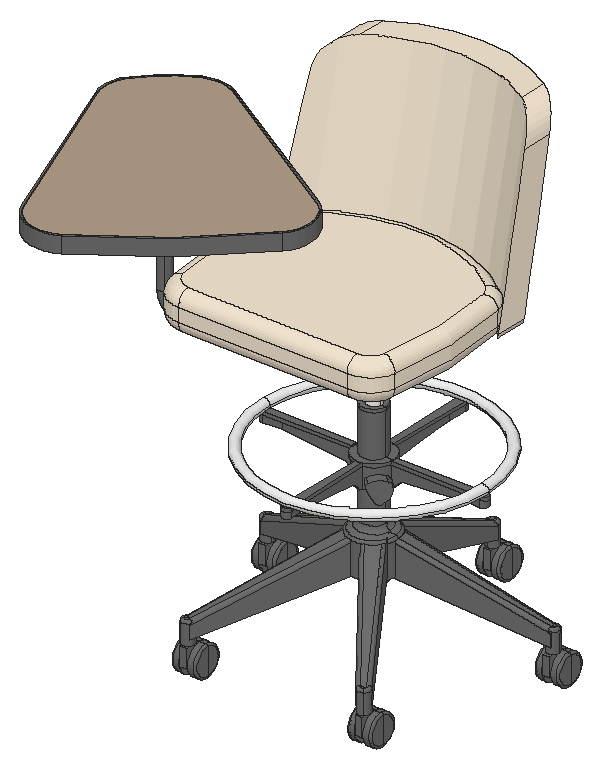
Revit family "Seating_Inc-Dock-Collaborative-Stool", category Furniture, Revit 2014
Parameters (values of type "Dock Stool Black GO22B")
  Width = 30"  # constant formula
  URL = "http://www.seatinginc.com"
  Type Comments = "Dock"  # constant formula
  Tablet Arm [instance] = yes
  Support = STI - Chrome
  Seat = STI - Fabric
  Model = "GO22B"
  Manufacturer = "seating inc."  # constant formula
  Lever Pad = STI - Plastic
  Leg = STI - Black
  Keynote = "12500"
  Height = 39 3/4"  # constant formula
  Foot Ring = STI - Chrome
  Edge Band = STI - Black
  Description = "Dock Stool Black 30\"W 30\"D 32\"H"
  Depth = 30"  # constant formula
  Caster = STI - Black
  Assembly Code = "E2020200"
  Arm Surafce = STI - Wood
Reference planes (in)
  plane 1 "Center (Front/Back)": y = -2.5
  plane 2: z = 0
  plane 3 "Center (Left/Right)": x = 11
  plane 4: y = 12.5
  plane 5: y = -17.5
  plane 6: x = -4
  plane 7: x = 26
  plane 8: z = 39.75
  plane 9: x = 1.11657
  plane 10: x = 20.61657
  plane 11: y = 9.63708
  plane 12: y = -14.86292
Forms (in)
  Sweep 1, solid, material "STI - Fabric" <- "Seat"
    path origin (11, -1.75, 0) x (0, 1, 0) y (0, 0, 1)
      loop
        line (4.57043, 23.37038) -> (8.28212, 39.44749)
    profile origin (11, 4.67628, 31.40894) x (0, -0.97437, 0.224951) y (1, 0, 0)
      loop
        line (2.3203, -9.23299) -> (4.67895, -9.23299)
        arc (4.67895, -9.23299) -> (0.24203, 0.03378) -> (4.90412, 9.18934) r 11.60032
        line (4.90412, 9.18934) -> (2.52133, 9.18934)
        arc (2.52133, 9.18934) -> (-1.81541, 0.0244) -> (2.3203, -9.23299) r 12.13314
  Sweep 2, void
    path origin (0, 0, 0) x (1, 0, 0) y (0, 1, 0)
      loop
        line (11, 12.5) -> (11, -2.5)
    profile origin (11, 5, 0) x (1, 0, 0) y (0, 0, 1)
      loop
        arc (-6.40386, 38.5) -> (-7.82546, 37.94056) -> (-8.48452, 36.56232) r 2.08594
        arc (-8.48452, 36.56232) -> (-8.82927, 30.88164) -> (-9.05446, 25.19496) r 270.52864
        arc (-9.05446, 25.19496) -> (-8.91332, 24.83205) -> (-8.55467, 24.68043) r 0.5
        line (-8.55467, 24.68043) -> (8.42967, 24.68043)
        arc (8.42967, 24.68043) -> (8.78832, 24.83205) -> (8.92946, 25.19496) r 0.5
        arc (8.92946, 25.19496) -> (8.70427, 30.88164) -> (8.35952, 36.56232) r 270.52864
        arc (8.35952, 36.56232) -> (7.70046, 37.94056) -> (6.27886, 38.5) r 2.08594
        line (6.27886, 38.5) -> (-6.40386, 38.5)
      loop
        line (-11.90641, 41.90993) -> (-11.90641, 22.90993) -> (11.09359, 22.90993) -> (11.09359, 41.90993) -> (-11.90641, 41.90993)
  Sweep 3, solid, material "STI - Fabric" <- "Seat"
    path origin (0, -0.26708, 0.37459) x (1, 0, 0) y (0, 1, 0.000049)
      loop
        line (4.31623, -13.21541) -> (17.61712, -13.21541)
        arc (17.61712, -13.21541) -> (19.08931, -12.686) -> (19.88718, -11.34025) r 2.31165
        arc (19.88718, -11.34025) -> (20.37967, -6.30913) -> (19.93947, -1.27315) r 27.39862
        arc (19.93947, -1.27315) -> (19.63874, -0.45936) -> (19.07799, 0.20266) r 2.5
        arc (19.07799, 0.20266) -> (10.88557, 3.13351) -> (2.73192, 0.09645) r 12.68519
        arc (2.73192, 0.09645) -> (2.21087, -0.53128) -> (1.9311, -1.29761) r 2.39183
        arc (1.9311, -1.29761) -> (1.49523, -6.28965) -> (1.97584, -11.27757) r 27.39862
        arc (1.97584, -11.27757) -> (2.79697, -12.66807) -> (4.31623, -13.21541) r 2.3822
    profile origin (10.96667, -13.48249, 0.37394) x (0, 1, 0.000049) y (0, -0.000049, 1)
      loop
        line (1.02244, 24.39162) -> (1.29625, 24.39162) -> (1.29625, 27.45427) -> (1.02244, 27.45427)
        arc (1.02244, 27.45427) -> (0.31533, 27.16138) -> (0.02244, 26.45427) r 1
        line (0.02244, 26.45427) -> (0.02244, 25.39162)
        arc (0.02244, 25.39162) -> (0.31533, 24.68452) -> (1.02244, 24.39162) r 1
  Revolve 4, solid, material "STI - Chrome" <- "Support"
    sketch origin (0, -2.51563, 0) x (1, 0, 0) y (0, 0, 1)
      loop
        line (10.9375, 24.10129) -> (10.26312, 24.10129) -> (10.26312, 22.81769) -> (10.38929, 22.81769) -> (10.38929, 17.50839) -> (10.9375, 17.50839) -> (10.9375, 24.10129)
      axis (10.9375, 24.10129) -> (10.9375, 17.50839)
    angle from 0 to 360
  Revolve 5, solid, material "STI - Black" <- "Edge Band"
    sketch origin (0, -2.51172, 0) x (1, 0, 0) y (0, 0, 1)
      loop
        line (9.95616, 17.71772) -> (9.95616, 17.50839) -> (10.9375, 17.50839) -> (10.9375, 17.71772) -> (9.95616, 17.71772)
      axis (10.9375, 17.50839) -> (10.9375, 17.71772)
    angle from 0 to 360
  Revolve 6, solid, material "STI - Black" <- "Leg"
    sketch origin (0, -2.59375, 0) x (1, 0, 0) y (0, 0, 1)
      loop
        line (10.9375, 24.10129) -> (10.9375, 24.68043) -> (7.86183, 24.68043) -> (8.44096, 24.10129) -> (10.9375, 24.10129)
      axis (10.9375, 24.10129) -> (10.9375, 24.68043)
    angle from 0 to 360
  Sweep 7, solid, material "STI - Black" <- "Leg"
    path origin (0, -2.5, -0.09375) x (1, 0, 0) y (0, 0, 1)
      loop
        line (11, 24.68043) -> (11, 24.8444)
    profile origin (11, -2.5, 24.66867) x (-1, 0, 0) y (0, -1, 0)
      loop
        arc (3.04529, -3.27626) -> (3.31855, -3.16358) -> (3.4321, -2.89069) r 0.38619
        line (3.4321, -2.89069) -> (3.44148, 2.97311)
        arc (3.44148, 2.97311) -> (3.2956, 3.3269) -> (2.94228, 3.47391) r 0.5
        line (2.94228, 3.47391) -> (-2.80771, 3.48312)
        arc (-2.80771, 3.48312) -> (-3.1615, 3.33724) -> (-3.30851, 2.98392) r 0.5
        line (-3.30851, 2.98392) -> (-3.31794, -2.9047)
        arc (-3.31794, -2.9047) -> (-3.2125, -3.1604) -> (-2.95714, -3.26665) r 0.36137
        line (-2.95714, -3.26665) -> (3.04529, -3.27626)
  Revolve 8, solid, material "STI - Black" <- "Caster"
    sketch origin (21.875, 9.83441, 0) x (-1, 0, 0) y (0, 0, 1)
      loop
        line (10.59575, 2.39763) -> (10.14919, 2.39763)
        arc (10.14919, 2.39763) -> (10.03674, 2.35105) -> (9.99016, 2.2386) r 0.15904
        line (9.99016, 2.2386) -> (9.99016, 1.20363) -> (10.59575, 1.20363) -> (10.59575, 2.39763)
      loop
        line (11.27925, 2.39763) -> (11.27925, 1.20363) -> (11.88484, 1.20363) -> (11.88484, 2.23664)
        arc (11.88484, 2.23664) -> (11.83769, 2.35048) -> (11.72385, 2.39763) r 0.161
        line (11.72385, 2.39763) -> (11.27925, 2.39763)
      axis (9.99016, 1.20363) -> (11.88484, 1.20363)
    angle from 0 to 360
  Extrusion 9, solid, material "STI - Black" <- "Caster"
    sketch origin (10.875, 18.14691, 0) x (0, -1, 0) y (0, 0, 1)
      loop
        line (9.50873, 0.9637) -> (9.50873, 2.39418) -> (8.2325, 2.39418)
        arc (8.2325, 2.39418) -> (7.34963, 1.93091) -> (7.10756, 0.9637) r 1.21941
        line (7.10756, 0.9637) -> (9.50873, 0.9637)
    from -0.32764 to 0.20362
  Revolve 10, solid, material "STI - Black" <- "Caster"
    sketch origin (0, 9.14062, 0) x (1, 0, 0) y (0, 0, 1)
      loop
        line (10.93799, 2.39418) -> (10.93799, 2.54) -> (10.72379, 2.54) -> (10.72379, 2.39418) -> (10.93799, 2.39418)
      axis (10.93799, 2.39418) -> (10.93799, 2.54)
    angle from 0 to 360
  Revolve 11, solid, material "STI - Black" <- "Caster"
    sketch origin (10.70009, 1.69973, 0) x (-1, 0, 0) y (0, 0, 1)
      loop
        line (10.59575, 2.39763) -> (10.14919, 2.39763)
        arc (10.14919, 2.39763) -> (10.03674, 2.35105) -> (9.99016, 2.2386) r 0.15904
        line (9.99016, 2.2386) -> (9.99016, 1.20363) -> (10.59575, 1.20363) -> (10.59575, 2.39763)
      loop
        line (11.27925, 2.39763) -> (11.27925, 1.20363) -> (11.88484, 1.20363) -> (11.88484, 2.23664)
        arc (11.88484, 2.23664) -> (11.83769, 2.35048) -> (11.72385, 2.39763) r 0.161
        line (11.72385, 2.39763) -> (11.27925, 2.39763)
      axis (9.99016, 1.20363) -> (11.88484, 1.20363)
    angle from 0 to 360
  Extrusion 12, solid, material "STI - Black" <- "Caster"
    sketch origin (-0.29991, 10.01223, 0) x (0, -1, 0) y (0, 0, 1)
      loop
        line (9.50873, 0.9637) -> (9.50873, 2.39418) -> (8.2325, 2.39418)
        arc (8.2325, 2.39418) -> (7.34963, 1.93091) -> (7.10756, 0.9637) r 1.21941
        line (7.10756, 0.9637) -> (9.50873, 0.9637)
    from -0.32764 to 0.20362
  Revolve 13, solid, material "STI - Black" <- "Caster"
    sketch origin (-11.17491, 1.02158, 0) x (1, 0, 0) y (0, 0, 1)
      loop
        line (10.93799, 2.39418) -> (10.93799, 2.54) -> (10.72379, 2.54) -> (10.72379, 2.39418) -> (10.93799, 2.39418)
      axis (10.93799, 2.39418) -> (10.93799, 2.54)
    angle from 0 to 360
  Revolve 14, solid, material "STI - Black" <- "Caster"
    sketch origin (14.96852, -11.43717, 0) x (-1, 0, 0) y (0, 0, 1)
      loop
        line (10.59575, 2.39763) -> (10.14919, 2.39763)
        arc (10.14919, 2.39763) -> (10.03674, 2.35105) -> (9.99016, 2.2386) r 0.15904
        line (9.99016, 2.2386) -> (9.99016, 1.20363) -> (10.59575, 1.20363) -> (10.59575, 2.39763)
      loop
        line (11.27925, 2.39763) -> (11.27925, 1.20363) -> (11.88484, 1.20363) -> (11.88484, 2.23664)
        arc (11.88484, 2.23664) -> (11.83769, 2.35048) -> (11.72385, 2.39763) r 0.161
        line (11.72385, 2.39763) -> (11.27925, 2.39763)
      axis (9.99016, 1.20363) -> (11.88484, 1.20363)
    angle from 0 to 360
  Extrusion 15, solid, material "STI - Black" <- "Caster"
    sketch origin (3.96852, -3.12467, 0) x (0, -1, 0) y (0, 0, 1)
      loop
        line (9.50873, 0.9637) -> (9.50873, 2.39418) -> (8.2325, 2.39418)
        arc (8.2325, 2.39418) -> (7.34963, 1.93091) -> (7.10756, 0.9637) r 1.21941
        line (7.10756, 0.9637) -> (9.50873, 0.9637)
    from -0.32764 to 0.20362
  Revolve 16, solid, material "STI - Black" <- "Caster"
    sketch origin (-6.90648, -12.11532, 0) x (1, 0, 0) y (0, 0, 1)
      loop
        line (10.93799, 2.39418) -> (10.93799, 2.54) -> (10.72379, 2.54) -> (10.72379, 2.39418) -> (10.93799, 2.39418)
      axis (10.93799, 2.39418) -> (10.93799, 2.54)
    angle from 0 to 360
  Revolve 17, solid, material "STI - Black" <- "Caster"
    sketch origin (28.78148, -11.43717, 0) x (-1, 0, 0) y (0, 0, 1)
      loop
        line (10.59575, 2.39763) -> (10.14919, 2.39763)
        arc (10.14919, 2.39763) -> (10.03674, 2.35105) -> (9.99016, 2.2386) r 0.15904
        line (9.99016, 2.2386) -> (9.99016, 1.20363) -> (10.59575, 1.20363) -> (10.59575, 2.39763)
      loop
        line (11.27925, 2.39763) -> (11.27925, 1.20363) -> (11.88484, 1.20363) -> (11.88484, 2.23664)
        arc (11.88484, 2.23664) -> (11.83769, 2.35048) -> (11.72385, 2.39763) r 0.161
        line (11.72385, 2.39763) -> (11.27925, 2.39763)
      axis (9.99016, 1.20363) -> (11.88484, 1.20363)
    angle from 0 to 360
  Extrusion 18, solid, material "STI - Black" <- "Caster"
    sketch origin (17.78148, -3.12467, 0) x (0, -1, 0) y (0, 0, 1)
      loop
        line (9.50873, 0.9637) -> (9.50873, 2.39418) -> (8.2325, 2.39418)
        arc (8.2325, 2.39418) -> (7.34963, 1.93091) -> (7.10756, 0.9637) r 1.21941
        line (7.10756, 0.9637) -> (9.50873, 0.9637)
    from -0.32764 to 0.20362
  Revolve 19, solid, material "STI - Black" <- "Caster"
    sketch origin (6.90648, -12.11532, 0) x (1, 0, 0) y (0, 0, 1)
      loop
        line (10.93799, 2.39418) -> (10.93799, 2.54) -> (10.72379, 2.54) -> (10.72379, 2.39418) -> (10.93799, 2.39418)
      axis (10.93799, 2.39418) -> (10.93799, 2.54)
    angle from 0 to 360
  Revolve 20, solid, material "STI - Black" <- "Caster"
    sketch origin (33.04991, 1.69973, 0) x (-1, 0, 0) y (0, 0, 1)
      loop
        line (10.59575, 2.39763) -> (10.14919, 2.39763)
        arc (10.14919, 2.39763) -> (10.03674, 2.35105) -> (9.99016, 2.2386) r 0.15904
        line (9.99016, 2.2386) -> (9.99016, 1.20363) -> (10.59575, 1.20363) -> (10.59575, 2.39763)
      loop
        line (11.27925, 2.39763) -> (11.27925, 1.20363) -> (11.88484, 1.20363) -> (11.88484, 2.23664)
        arc (11.88484, 2.23664) -> (11.83769, 2.35048) -> (11.72385, 2.39763) r 0.161
        line (11.72385, 2.39763) -> (11.27925, 2.39763)
      axis (9.99016, 1.20363) -> (11.88484, 1.20363)
    angle from 0 to 360
  Extrusion 21, solid, material "STI - Black" <- "Caster"
    sketch origin (22.04991, 10.01223, 0) x (0, -1, 0) y (0, 0, 1)
      loop
        line (9.50873, 0.9637) -> (9.50873, 2.39418) -> (8.2325, 2.39418)
        arc (8.2325, 2.39418) -> (7.34963, 1.93091) -> (7.10756, 0.9637) r 1.21941
        line (7.10756, 0.9637) -> (9.50873, 0.9637)
    from -0.32764 to 0.20362
  Revolve 22, solid, material "STI - Black" <- "Caster"
    sketch origin (11.17491, 1.02158, 0) x (1, 0, 0) y (0, 0, 1)
      loop
        line (10.93799, 2.39418) -> (10.93799, 2.54) -> (10.72379, 2.54) -> (10.72379, 2.39418) -> (10.93799, 2.39418)
      axis (10.93799, 2.39418) -> (10.93799, 2.54)
    angle from 0 to 360
  Blend 23, solid, material "STI - Black" <- "Leg"
    base sketch origin (0, -2.5, 0.0625) x (1, 0, 0) y (0, 0, 1)
      loop
        arc (10.42654, 8.94654) -> (10.22214, 8.86188) -> (10.13748, 8.65748) r 0.28906
        line (10.13748, 8.65748) -> (10.13748, 6.15631) -> (11.79597, 6.15631) -> (11.79597, 8.65845)
        arc (11.79597, 8.65845) -> (11.71159, 8.86216) -> (11.50788, 8.94654) r 0.28809
        line (11.50788, 8.94654) -> (10.42654, 8.94654)
    top sketch origin (0, -2.5, 0.0625) x (1, 0, 0) y (0, 0, 1)
      loop
        line (11.41125, 2.95143) -> (11.41125, 3.90903)
        arc (11.41125, 3.90903) -> (11.32659, 4.11343) -> (11.12219, 4.19809) r 0.28906
        line (11.12219, 4.19809) -> (10.75405, 4.19809)
        arc (10.75405, 4.19809) -> (10.54965, 4.11343) -> (10.46498, 3.90903) r 0.28906
        line (10.46498, 3.90903) -> (10.46498, 2.95143) -> (11.41125, 2.95143)
    from -1.14777 to -11.60464
  Revolve 24, solid, material "STI - Black" <- "Leg"
    sketch origin (10.9375, 0, 0) x (0, 1, 0) y (0, 0, 1)
      loop
        line (9.1696, 2.54) -> (9.63708, 2.54) -> (9.63708, 4.10623)
        arc (9.63708, 4.10623) -> (9.58326, 4.23618) -> (9.45331, 4.29) r 0.18377
        line (9.45331, 4.29) -> (9.1696, 4.29) -> (9.1696, 2.54)
      axis (9.1696, 2.54) -> (9.1696, 4.29)
    angle from 0 to 360
  Blend 25, solid, material "STI - Black" <- "Leg"
    base sketch origin (7.73811, 7.95514, 0.0625) x (0.303775, -0.952744, 0) y (0, 0, 1)
      loop
        arc (10.42654, 8.94654) -> (10.22214, 8.86188) -> (10.13748, 8.65748) r 0.28906
        line (10.13748, 8.65748) -> (10.13748, 6.15631) -> (11.79597, 6.15631) -> (11.79597, 8.65845)
        arc (11.79597, 8.65845) -> (11.71159, 8.86216) -> (11.50788, 8.94654) r 0.28809
        line (11.50788, 8.94654) -> (10.42654, 8.94654)
    top sketch origin (15.47667, 10.42252, 0.0625) x (0.303775, -0.952744, 0) y (0, 0, 1)
      loop
        line (11.41125, 2.95143) -> (11.41125, 3.90903)
        arc (11.41125, 3.90903) -> (11.32659, 4.11343) -> (11.12219, 4.19809) r 0.28906
        line (11.12219, 4.19809) -> (10.75405, 4.19809)
        arc (10.75405, 4.19809) -> (10.54965, 4.11343) -> (10.46498, 3.90903) r 0.28906
        line (10.46498, 3.90903) -> (10.46498, 2.95143) -> (11.41125, 2.95143)
    from -1.03876 to -3.58201
  Revolve 26, solid, material "STI - Black" <- "Leg"
    sketch origin (13.44251, -1.70606, 0) x (0.952744, 0.303775, 0) y (0, 0, 1)
      loop
        line (9.1696, 2.54) -> (9.63708, 2.54) -> (9.63708, 4.10623)
        arc (9.63708, 4.10623) -> (9.58326, 4.23618) -> (9.45331, 4.29) r 0.18377
        line (9.45331, 4.29) -> (9.1696, 4.29) -> (9.1696, 2.54)
      axis (9.1696, 2.54) -> (9.1696, 4.29)
    angle from 0 to 360
  Blend 27, solid, material "STI - Black" <- "Leg"
    base sketch origin (14.16814, 7.90827, 0.0625) x (-0.303775, -0.952744, 0) y (0, 0, -1)
      loop
        line (10.42654, -8.94654) -> (11.50788, -8.94654)
        arc (11.50788, -8.94654) -> (11.71159, -8.86216) -> (11.79597, -8.65845) r 0.28809
        line (11.79597, -8.65845) -> (11.79597, -6.15631) -> (10.13748, -6.15631) -> (10.13748, -8.65748)
        arc (10.13748, -8.65748) -> (10.22214, -8.86188) -> (10.42654, -8.94654) r 0.28906
    top sketch origin (6.42958, 10.37564, 0.0625) x (-0.303775, -0.952744, 0) y (0, 0, -1)
      loop
        line (11.41125, -2.95143) -> (10.46498, -2.95143) -> (10.46498, -3.90903)
        arc (10.46498, -3.90903) -> (10.54965, -4.11343) -> (10.75405, -4.19809) r 0.28906
        line (10.75405, -4.19809) -> (11.12219, -4.19809)
        arc (11.12219, -4.19809) -> (11.32659, -4.11343) -> (11.41125, -3.90903) r 0.28906
        line (11.41125, -3.90903) -> (11.41125, -2.95143)
    from -1.09431 to -3.58201
  Revolve 28, solid, material "STI - Black" <- "Leg"
    sketch origin (8.46374, -1.75293, 0) x (-0.952744, 0.303775, 0) y (0, 0, -1)
      loop
        line (9.1696, -2.54) -> (9.1696, -4.29) -> (9.45331, -4.29)
        arc (9.45331, -4.29) -> (9.58326, -4.23618) -> (9.63708, -4.10623) r 0.18377
        line (9.63708, -4.10623) -> (9.63708, -2.54) -> (9.1696, -2.54)
      axis (9.1696, -2.54) -> (9.1696, -4.29)
    angle from 0 to 360
  Blend 29, solid, material "STI - Black" <- "Leg"
    base sketch origin (19.68992, -9.03437, 0.0625) x (-0.812948, 0.582336, 0) y (0, 0, 1)
      loop
        arc (10.42654, 8.94654) -> (10.22214, 8.86188) -> (10.13748, 8.65748) r 0.28906
        line (10.13748, 8.65748) -> (10.13748, 6.15631) -> (11.79597, 6.15631) -> (11.79597, 8.65845)
        arc (11.79597, 8.65845) -> (11.71159, 8.86216) -> (11.50788, 8.94654) r 0.28809
        line (11.50788, 8.94654) -> (10.42654, 8.94654)
    top sketch origin (14.95995, -15.63746, 0.0625) x (-0.812948, 0.582336, 0) y (0, 0, 1)
      loop
        line (11.41125, 2.95143) -> (11.41125, 3.90903)
        arc (11.41125, 3.90903) -> (11.32659, 4.11343) -> (11.12219, 4.19809) r 0.28906
        line (11.12219, 4.19809) -> (10.75405, 4.19809)
        arc (10.75405, 4.19809) -> (10.54965, 4.11343) -> (10.46498, 3.90903) r 0.28906
        line (10.46498, 3.90903) -> (10.46498, 2.95143) -> (11.41125, 2.95143)
    from -0.90574 to -3.58201
  Revolve 30, solid, material "STI - Black" <- "Leg"
    sketch origin (9.34245, -4.69744, 0) x (-0.582336, -0.812948, 0) y (0, 0, 1)
      loop
        line (9.1696, 2.54) -> (9.63708, 2.54) -> (9.63708, 4.10623)
        arc (9.63708, 4.10623) -> (9.58326, 4.23618) -> (9.45331, 4.29) r 0.18377
        line (9.45331, 4.29) -> (9.1696, 4.29) -> (9.1696, 2.54)
      axis (9.1696, 2.54) -> (9.1696, 4.29)
    angle from 0 to 360
  Blend 31, solid, material "STI - Black" <- "Leg"
    base sketch origin (2.18508, -9.03437, 0.0625) x (0.812948, 0.582336, 0) y (0, 0, -1)
      loop
        line (10.42654, -8.94654) -> (11.50788, -8.94654)
        arc (11.50788, -8.94654) -> (11.71159, -8.86216) -> (11.79597, -8.65845) r 0.28809
        line (11.79597, -8.65845) -> (11.79597, -6.15631) -> (10.13748, -6.15631) -> (10.13748, -8.65748)
        arc (10.13748, -8.65748) -> (10.22214, -8.86188) -> (10.42654, -8.94654) r 0.28906
    top sketch origin (6.91505, -15.63746, 0.0625) x (0.812948, 0.582336, 0) y (0, 0, -1)
      loop
        line (11.41125, -2.95143) -> (10.46498, -2.95143) -> (10.46498, -3.90903)
        arc (10.46498, -3.90903) -> (10.54965, -4.11343) -> (10.75405, -4.19809) r 0.28906
        line (10.75405, -4.19809) -> (11.12219, -4.19809)
        arc (11.12219, -4.19809) -> (11.32659, -4.11343) -> (11.41125, -3.90903) r 0.28906
        line (11.41125, -3.90903) -> (11.41125, -2.95143)
    from -0.96466 to -3.58201
  Revolve 32, solid, material "STI - Black" <- "Leg"
    sketch origin (12.53255, -4.69744, 0) x (0.582336, -0.812948, 0) y (0, 0, -1)
      loop
        line (9.1696, -2.54) -> (9.1696, -4.29) -> (9.45331, -4.29)
        arc (9.45331, -4.29) -> (9.58326, -4.23618) -> (9.63708, -4.10623) r 0.18377
        line (9.63708, -4.10623) -> (9.63708, -2.54) -> (9.1696, -2.54)
      axis (9.1696, -2.54) -> (9.1696, -4.29)
    angle from 0 to 360
  Sweep 33, solid, material "STI - Plastic" <- "Lever Pad"
    path origin (0, 0.23639, 7.92101) x (1, 0, 0) y (0, -0.164672, 0.986348)
      loop
        line (8.75688, 16.53785) -> (7.42286, 16.53785)
        arc (7.42286, 16.53785) -> (7.05355, 16.44062) -> (6.77999, 16.17413) r 0.75
        line (6.77999, 16.17413) -> (6.37202, 15.49515)
        arc (6.37202, 15.49515) -> (6.18964, 15.31749) -> (5.94343, 15.25267) r 0.5
        line (5.94343, 15.25267) -> (4.11388, 15.25267)
    profile origin (8.08987, -2.48693, 24.2331) x (0, 0.164672, -0.986348) y (0, -0.986348, -0.164672)
      loop
        circle (-0.03157, -0.12447) r 0.16542
  Extrusion 34, solid, material "STI - Plastic" <- "Lever Pad"
    sketch origin (0, 0, 7.75) x (1, 0, 0) y (0, 1, 0)
      loop
        arc (2.2995, -1.24022) -> (2.21312, -1.26581) -> (2.17013, -1.34498) r 0.11771
        line (2.17013, -1.34498) -> (2.05043, -2.48392)
        arc (2.05043, -2.48392) -> (2.08023, -2.58452) -> (2.17243, -2.63458) r 0.13708
        line (2.17243, -2.63458) -> (3.05959, -2.72782)
        arc (3.05959, -2.72782) -> (3.15667, -2.72486) -> (3.24943, -2.69605) r 0.36013
        line (3.24943, -2.69605) -> (3.71599, -2.47849)
        arc (3.71599, -2.47849) -> (3.88786, -2.429) -> (4.06662, -2.43464) r 0.57575
        line (4.06662, -2.43464) -> (4.13011, -1.83057)
        arc (4.13011, -1.83057) -> (3.9534, -1.77961) -> (3.79207, -1.69131) r 0.83735
        line (3.79207, -1.69131) -> (3.33777, -1.37321)
        arc (3.33777, -1.37321) -> (3.2955, -1.35097) -> (3.24901, -1.34002) r 0.18924
        line (3.24901, -1.34002) -> (2.2995, -1.24022)
    from 15.1026 to 15.44007
  Sweep 35, solid, material "STI - Chrome" <- "Foot Ring"
    path origin (0.1875, 1.8125, 3) x (1, 0, 0) y (0, 1, 0)
      loop
        circle (10.77273, -4.30843) r 8.58181
    profile origin (10.96023, 6.08589, 3) x (0, -1, 0) y (0, 0, 1)
      loop
        circle (-0.03429, 11.55912) r 0.37509
  Sweep 36, solid, material "STI - Black" <- "Leg"
    path origin (0.1875, -0.6875, 3) x (1, 0, 0) y (0, 0, 1)
      loop
        line (11, 10.95912) -> (11, 11.18403)
    profile origin (11.1875, -0.6875, 14.07158) x (-1, 0, 0) y (0, -1, 0)
      loop
        line (-8.45393, 1.49431) -> (-1.28012, 1.55323) -> (-1.28012, 2.10155) -> (-8.45393, 2.16047)
        arc (-8.45393, 2.16047) -> (-8.78976, 1.82739) -> (-8.45393, 1.49431) r 0.33309
      loop
        arc (8.82893, 1.49431) -> (9.16476, 1.82739) -> (8.82893, 2.16047) r 0.33309
        line (8.82893, 2.16047) -> (1.74887, 2.10232) -> (1.74887, 1.55246) -> (8.82893, 1.49431)
      loop
        line (0.52985, -6.78287) -> (0.44547, 0.30632) -> (-0.08567, 0.30632) -> (-0.17748, -6.7825)
        arc (-0.17748, -6.7825) -> (0.176, -7.14077) -> (0.52985, -6.78287) r 0.35369
      loop
        arc (0.52985, 10.47037) -> (0.176, 10.82827) -> (-0.17748, 10.47) r 0.35369
        line (-0.17748, 10.47) -> (-0.08567, 3.38118) -> (0.44547, 3.38118) -> (0.52985, 10.47037)
  Sweep 37, solid, material "STI - Black" <- "Leg"
    path origin (0.1875, -0.6875, 3) x (1, 0, 0) y (0, 0, 1)
      loop
        line (11, 9.27412) -> (11, 10.95912)
    profile origin (11.1875, -0.6875, 13.11662) x (-1, 0, 0) y (0, -1, 0)
      loop
        line (7.37947, 1.72239) -> (8.71625, 1.47364)
        arc (8.71625, 1.47364) -> (9.14181, 1.82711) -> (8.71666, 2.18107) r 0.35975
        line (8.71666, 2.18107) -> (7.37947, 1.93386) -> (1.64702, 1.93386) -> (1.64702, 1.72239) -> (7.37947, 1.72239)
      loop
        line (-7.02009, 1.72239) -> (-1.16264, 1.72239) -> (-1.16264, 1.93386) -> (-7.02009, 1.93386) -> (-8.35728, 2.18107)
        arc (-8.35728, 2.18107) -> (-8.78243, 1.82711) -> (-8.35687, 1.47364) r 0.35975
        line (-8.35687, 1.47364) -> (-7.02009, 1.72239)
      loop
        line (0.2849, 9.02696) -> (0.52665, 10.39795)
        arc (0.52665, 10.39795) -> (0.17601, 10.81582) -> (-0.17463, 10.39795) r 0.35605
        line (-0.17463, 10.39795) -> (0.0749, 8.9828) -> (0.0749, 3.2328) -> (0.2849, 3.2328) -> (0.2849, 9.02696)
      loop
        line (0.2849, -5.37071) -> (0.2849, 0.42345) -> (0.0749, 0.42345) -> (0.0749, -5.32655) -> (-0.17463, -6.7417)
        arc (-0.17463, -6.7417) -> (0.17601, -7.15957) -> (0.52665, -6.7417) r 0.35605
        line (0.52665, -6.7417) -> (0.2849, -5.37071)
  Revolve 38, void
    sketch origin (0.1875, -2.5, 3) x (1, 0, 0) y (0, 0, 1)
      loop
        line (1.55385, 10.50059) -> (1.55385, 8.69527) -> (9.30385, 8.69527) -> (9.30385, 9.19527) -> (8.61618, 9.88295) -> (1.55385, 10.50059)
      axis (10.8125, 8.69527) -> (10.8125, 10.50059)
    angle from 0 to 360
  Sweep 39, solid, material "STI - Black" <- "Edge Band"
    path origin (21.8125, 1.59375, 3) x (-1, 0, 0) y (0, -1, 0)
      loop
        line (9.48571, 5.88492) -> (8.91091, 6.45972)
    profile origin (12.61419, -4.57857, 3) x (0.707107, 0.707107, 0) y (0, 0, 1)
      loop
        arc (-0.42793, 10.6512) -> (-0.54167, 10.52798) -> (-0.55196, 10.36061) r 0.25
        arc (-0.55196, 10.36061) -> (-0.33227, 9.81109) -> (-0.0081, 9.31598) r 2.97318
        arc (-0.0081, 9.31598) -> (0.21312, 9.17745) -> (0.47272, 9.20468) r 0.40045
        arc (0.47272, 9.20468) -> (0.96732, 9.6473) -> (1.13394, 10.28977) r 1.14702
        arc (1.13394, 10.28977) -> (1.03615, 10.56746) -> (0.79904, 10.74199) r 0.5
        arc (0.79904, 10.74199) -> (0.17613, 10.824) -> (-0.42793, 10.6512) r 1.54494
  Revolve 40, solid, material "STI - Black" <- "Edge Band"
    sketch origin (22.10938, 1.75, 13.07812) x (-1, 0, 0) y (0, -1, 0)
      loop
        line (10.18327, 5.26006) -> (9.52206, 5.92127) -> (9.41574, 5.81495) -> (10.07695, 5.15374) -> (10.18327, 5.26006)
      axis (9.52572, 5.92493) -> (10.18693, 5.26372)
    angle from 0 to 360
  Revolve 41, solid, material "STI - Black" <- "Leg"
    sketch origin (0, -2.51563, 0) x (1, 0, 0) y (0, 0, 1)
      loop
        line (10.9375, 17.50839) -> (9.96104, 17.50839) -> (9.96104, 14.18412) -> (9.37874, 14.18412) -> (9.37874, 13.95912) -> (9.51445, 13.95912) -> (9.51445, 12.27412) -> (9.96104, 12.27412) -> (9.96104, 9.52468)
        arc (9.96104, 9.52468) -> (9.87556, 9.24508) -> (9.64834, 9.06109) r 0.5
        line (9.64834, 9.06109) -> (9.20396, 8.88154)
        arc (9.20396, 8.88154) -> (9.09035, 8.78954) -> (9.04761, 8.64974) r 0.25
        line (9.04761, 8.64974) -> (9.04761, 6.11285) -> (9.96104, 6.11285) -> (9.96104, 5.26) -> (10.9375, 5.26) -> (10.9375, 17.50839)
      axis (10.9375, 17.50839) -> (10.9375, 5.26)
    angle from 0 to 360
  Extrusion 42, solid, material "STI - Fabric" <- "Seat"
    sketch origin (4.31623, -12.4614, 27.82826) x (1, 0, 0) y (0, 1, 0.000049)
      loop
        arc (-1.06688, 1.15719) -> (-0.69257, 0.52332) -> (0, 0.27381) r 1.08594
        line (0, 0.27381) -> (13.30089, 0.27381)
        arc (13.30089, 0.27381) -> (13.94755, 0.50636) -> (14.29801, 1.09748) r 1.01539
        arc (14.29801, 1.09748) -> (14.7672, 5.89058) -> (14.34783, 10.68829) r 26.10236
        arc (14.34783, 10.68829) -> (14.20303, 11.08014) -> (13.93303, 11.39889) r 1.20375
        arc (13.93303, 11.39889) -> (6.57776, 14.03025) -> (-0.74269, 11.30354) r 11.38894
        arc (-0.74269, 11.30354) -> (-0.98136, 11.01601) -> (-1.10951, 10.66499) r 1.09558
        arc (-1.10951, 10.66499) -> (-1.52476, 5.90913) -> (-1.06688, 1.15719) r 26.10236
    from 0 to -3.06265
Cuts and joins
  Sweep 2 cuts Sweep 1
  Revolve 38 cuts Blend 23
  Revolve 38 cuts Revolve 24
  joined: Blend 23, Revolve 24
  Revolve 38 cuts Blend 25
  Revolve 38 cuts Revolve 26
  joined: Blend 25, Revolve 26
  Revolve 38 cuts Blend 27
  Revolve 38 cuts Revolve 28
  joined: Blend 27, Revolve 28
  Revolve 38 cuts Blend 29
  Revolve 38 cuts Revolve 30
  joined: Blend 29, Revolve 30
  Revolve 38 cuts Blend 31
  Revolve 38 cuts Revolve 32
  joined: Blend 31, Revolve 32
  Revolve 38 cuts Revolve 4
  Revolve 38 cuts Sweep 37
  joined: Sweep 3, Extrusion 42
Lines and regions (in)
  symbolic lines, style "Chair"
    curve 1: arc (3.11568, 5.33701, 0) -> (10.59064, 8.23386, 0) -> (18.16964, 5.62132, 0) r 11.66285
    curve 2: arc (3.08461, 3.01549, 0) -> (10.76352, 6.12275, 0) -> (18.42615, 2.97554, 0) r 10.97144
    curve 3: arc (1.76575, -1.36668, 0) -> (1.49157, -4.58531, 0) -> (1.52246, -7.81544, 0) r 34.18078
    curve 4: arc (19.77824, -1.3386, 0) -> (20.1907, -6.37765, 0) -> (19.76535, -11.41562, 0) r 30.51025
    curve 5: arc (1.76575, -1.36668, 0) -> (1.76751, 1.06863, 0) -> (2.06422, 3.4858, 0) r 20.06907
    curve 6: arc (3.11568, 5.33701, 0) -> (2.43407, 4.49995, 0) -> (2.06422, 3.4858, 0) r 3.25
    curve 7: arc (19.77824, -1.3386, 0) -> (19.79138, 1.26113, 0) -> (19.33946, 3.82131, 0) r 14.48076
    curve 8: arc (18.16964, 5.62132, 0) -> (18.89596, 4.81322, 0) -> (19.33946, 3.82131, 0) r 3.5
    curve 9: line (19.79439, -1.15697, 0) -> (19.38819, 1.14666, 0)
    curve 10: arc (18.42615, 2.97554, 0) -> (19.04993, 2.13619, 0) -> (19.38819, 1.14666, 0) r 3.38999
    curve 11: arc (1.76575, -1.36668, 0) -> (2.00787, 0.16159, 0) -> (2.32568, 1.67593, 0) r 31.10881
    curve 12: arc (3.08461, 3.01549, 0) -> (2.60949, 2.3999, 0) -> (2.32568, 1.67593, 0) r 2.75
    curve 13: line (13.01546, -13.29121, 0) -> (17.54672, -13.29121, 0)
    curve 14: arc (19.76535, -11.41562, 0) -> (18.99931, -12.75949, 0) -> (17.54672, -13.29121, 0) r 2.25
    curve 15: line (1.75863, 0.9147, 0) -> (-0.25857, 1.48994, 0)
    curve 16: line (1.72976, -0.23047, 0) -> (-0.54879, 0.58811, 0)
    curve 17: arc (-0.25857, 1.48994, 0) -> (-0.83971, 1.17934, 0) -> (-0.54879, 0.58811, 0) r 0.47396
    curve 18: line (19.81828, 0.88768, 0) -> (22.03982, 1.52119, 0)
    curve 19: line (19.84015, -0.27515, 0) -> (22.33004, 0.61936, 0)
    curve 20: arc (22.03982, 1.52119, 0) -> (22.62096, 1.21059, 0) -> (22.33004, 0.61936, 0) r 0.47396
    curve 21: line (10.42845, 8.22967, 0) -> (10.47031, 9.18644, 0)
    curve 22: line (11.44655, 8.22967, 0) -> (11.40469, 9.18644, 0)
    curve 23: arc (10.47031, 9.18644, 0) -> (10.9375, 9.63364, 0) -> (11.40469, 9.18644, 0) r 0.46764
    curve 55: line (0.70276, 1.2158, 0) -> (0.70276, 2.75139, 0)
    curve 56: line (0.10471, 2.89348, 0) -> (0.10471, 1.38634, 0)
    curve 57: line (0.10471, 2.89348, 0) -> (0.56068, 2.89348, 0)
    curve 58: arc (0.56068, 2.89348, 0) -> (0.66114, 2.85186, 0) -> (0.70276, 2.75139, 0) r 0.14208
    curve 59: line (-1.18354, 0.6923, 0) -> (-1.18354, 2.7464, 0)
    curve 60: line (-0.5868, 2.89548, 0) -> (-0.5868, 1.46465, 0)
    curve 61: line (-0.5868, 2.89548, 0) -> (-1.03446, 2.89548, 0)
    curve 62: arc (-1.03446, 2.89548, 0) -> (-1.13988, 2.85182, 0) -> (-1.18354, 2.7464, 0) r 0.14908
    curve 63: line (-0.5868, 0.5085, 0) -> (-0.99974, 0.5085, 0)
    curve 64: arc (-0.99974, 0.5085, 0) -> (-1.12971, 0.56234, 0) -> (-1.18354, 0.6923, 0) r 0.1838
    curve 65: line (-0.5868, 0.5085, 0) -> (-0.5868, 0.60365, 0)
    curve 66: line (-0.50353, 1.49395, 0) -> (-0.50353, 2.92349, 0)
    curve 67: line (-0.50353, 2.92349, 0) -> (-0.00353, 2.92349, 0)
    curve 68: line (-0.00353, 2.92349, 0) -> (-0.00353, 1.41721, 0)
    curve 69: line (21.17224, 1.27378, 0) -> (21.17224, 2.75139, 0)
    curve 70: line (21.77029, 2.89348, 0) -> (21.77029, 1.44433, 0)
    curve 71: line (21.77029, 2.89348, 0) -> (21.31432, 2.89348, 0)
    curve 72: arc (21.31432, 2.89348, 0) -> (21.21386, 2.85186, 0) -> (21.17224, 2.75139, 0) r 0.14208
    curve 73: line (23.05854, 0.6923, 0) -> (23.05854, 2.7464, 0)
    curve 74: line (22.4618, 2.89548, 0) -> (22.4618, 1.46465, 0)
    curve 75: line (22.4618, 2.89548, 0) -> (22.90946, 2.89548, 0)
    curve 76: arc (22.90946, 2.89548, 0) -> (23.01488, 2.85182, 0) -> (23.05854, 2.7464, 0) r 0.14908
    curve 77: line (22.4618, 0.5085, 0) -> (22.87474, 0.5085, 0)
    curve 78: arc (22.87474, 0.5085, 0) -> (23.00471, 0.56234, 0) -> (23.05854, 0.6923, 0) r 0.1838
    curve 79: line (22.4618, 0.5085, 0) -> (22.4618, 0.69208, 0)
    curve 80: line (22.37853, 1.49092, 0) -> (22.37853, 2.92349, 0)
    curve 81: line (22.37853, 2.92349, 0) -> (21.87853, 2.92349, 0)
    curve 82: line (21.87853, 2.92349, 0) -> (21.87853, 1.47519, 0)
    curve 83: line (9.98001, 8.88142, 0) -> (9.98001, 10.77841, 0)
    curve 84: line (10.59575, 11.02841, 0) -> (10.23001, 11.02841, 0)
    curve 85: line (10.44603, 8.63142, 0) -> (10.23001, 8.63142, 0)
    curve 86: arc (9.98001, 8.88142, 0) -> (10.05324, 8.70464, 0) -> (10.23001, 8.63142, 0) r 0.25
    curve 87: line (10.59575, 9.48521, 0) -> (10.59575, 11.02841, 0)
    curve 88: line (10.67138, 9.55053, 0) -> (10.67138, 11.03934, 0)
    curve 89: line (10.67138, 11.03934, 0) -> (11.20264, 11.03934, 0)
    curve 90: line (11.20264, 11.03934, 0) -> (11.20264, 9.55121, 0)
    curve 91: arc (10.23001, 11.02841, 0) -> (10.05324, 10.95519, 0) -> (9.98001, 10.77841, 0) r 0.25
    curve 92: line (11.89499, 8.88142, 0) -> (11.89499, 10.77841, 0)
    curve 93: line (11.27925, 11.02841, 0) -> (11.64499, 11.02841, 0)
    curve 94: line (11.42897, 8.63142, 0) -> (11.64499, 8.63142, 0)
    curve 95: arc (11.89499, 8.88142, 0) -> (11.82176, 8.70464, 0) -> (11.64499, 8.63142, 0) r 0.25
    curve 96: line (11.27925, 9.48521, 0) -> (11.27925, 11.02841, 0)
    curve 97: arc (11.64499, 11.02841, 0) -> (11.82176, 10.95519, 0) -> (11.89499, 10.77841, 0) r 0.25
    curve 130: arc (1.52246, -7.81544, 0) -> (1.7477, -9.919, 0) -> (2.18116, -11.98971, 0) r 21.23301
    curve 131: arc (13.01546, -13.29121, 0) -> (8.43244, -13.32717, 0) -> (3.84939, -13.2961, 0) r 313.42623
    curve 132: arc (2.18116, -11.98971, 0) -> (2.79509, -12.92408, 0) -> (3.84939, -13.2961, 0) r 1.75
  symbolic lines, style "FurnitureHiddenLines", detail levels fine
    curve 24: line (10.42845, 8.22967, 0) -> (10.18285, 0.38791, 0)
    curve 25: line (11.73234, 0.37745, 0) -> (11.44384, 8.21875, 0)
    curve 26: line (2.13988, 0.83685, 0) -> (10.04603, -1.41773, 0)
    curve 27: line (10.04603, -1.41773, 0) -> (9.54222, -2.99785, 0)
    curve 28: line (9.54222, -2.99785, 0) -> (1.93259, -0.26405, 0)
    curve 29: circle (10.91431, -2.5802, 0) r 3.0757 normal (0, 0, 1)
    curve 30: line (13.49459, -0.90627, 0) -> (19.45052, 0.7932, 0)
    curve 31: line (19.64913, -0.33319, 0) -> (13.98265, -2.36769, 0)
    curve 32: line (13.34327, -4.467, 0) -> (18.26835, -11.89012, 0)
    curve 33: line (17.50779, -12.43187, 0) -> (12.13986, -5.40118, 0)
    curve 34: arc (17.50779, -12.43187, 0) -> (18.15011, -12.52888, 0) -> (18.26835, -11.89012, 0) r 0.46715
    curve 35: arc (17.45534, -12.36318, 0) -> (17.59887, -11.77579, 0) -> (18.20332, -11.7921, 0) r 0.48137
    curve 36: line (9.31183, -5.97592, 0) -> (4.36441, -12.45809, 0)
    curve 37: line (8.51165, -4.5004, 0) -> (3.59395, -11.90927, 0)
    curve 38: arc (3.59395, -11.90927, 0) -> (3.71367, -12.55642, 0) -> (4.36441, -12.45809, 0) r 0.47323
    curve 43: line (13.95714, 0.76665, 0) -> (7.95471, 0.77626, 0)
    curve 44: arc (7.95471, 0.77626, 0) -> (7.68145, 0.66358, 0) -> (7.5679, 0.39069, 0) r 0.38619
    curve 45: line (7.5679, 0.39069, 0) -> (7.55852, -5.47311, 0)
    curve 46: arc (7.55852, -5.47311, 0) -> (7.7044, -5.8269, 0) -> (8.05772, -5.97391, 0) r 0.5
    curve 47: line (8.05772, -5.97391, 0) -> (13.80771, -5.98312, 0)
    curve 48: arc (13.80771, -5.98312, 0) -> (14.1615, -5.83724, 0) -> (14.30851, -5.48392, 0) r 0.5
    curve 49: line (14.30851, -5.48392, 0) -> (14.31794, 0.4047, 0)
    curve 50: arc (14.31794, 0.4047, 0) -> (14.2125, 0.6604, 0) -> (13.95714, 0.76665, 0) r 0.36137
    curve 51: circle (10.89686, -2.58608, 0) r 0.66795 normal (0, 0, 1)
    curve 52: circle (10.91082, -2.58608, 0) r 1.88204 normal (0, 0, 1)
    curve 53: circle (10.8963, -2.5, 0) r 9 normal (0, 0, 1)
    curve 54: circle (11, -2.5, 0) r 8.25 normal (0, 0, 1)
    curve 98: line (4.96967, -10.39301, 0) -> (4.96967, -12.38117, 0)
    curve 99: line (4.37277, -12.63117, 0) -> (4.37277, -10.24316, 0)
    curve 100: line (4.37277, -10.24316, 0) -> (4.81983, -10.24316, 0)
    curve 101: line (4.37277, -12.63117, 0) -> (4.71967, -12.63117, 0)
    curve 102: arc (4.81983, -10.24316, 0) -> (4.92578, -10.28705, 0) -> (4.96967, -10.39301, 0) r 0.14984
    curve 103: arc (4.96967, -12.38117, 0) -> (4.89644, -12.55795, 0) -> (4.71967, -12.63117, 0) r 0.25
    curve 104: line (3.0914, -10.39301, 0) -> (3.0914, -12.38117, 0)
    curve 105: line (3.68829, -12.63117, 0) -> (3.68829, -10.24316, 0)
    curve 106: line (3.68829, -10.24316, 0) -> (3.24124, -10.24316, 0)
    curve 107: line (3.68829, -12.63117, 0) -> (3.3414, -12.63117, 0)
    curve 108: arc (3.24124, -10.24316, 0) -> (3.13529, -10.28705, 0) -> (3.0914, -10.39301, 0) r 0.14984
    curve 109: arc (3.0914, -12.38117, 0) -> (3.16462, -12.55795, 0) -> (3.3414, -12.63117, 0) r 0.25
    curve 110: line (3.7649, -10.23223, 0) -> (4.29616, -10.23223, 0)
    curve 111: line (3.7649, -12.6334, 0) -> (3.7649, -10.23223, 0)
    curve 112: line (4.29616, -12.6334, 0) -> (3.7649, -12.6334, 0)
    curve 113: line (4.29616, -10.23223, 0) -> (4.29616, -12.6334, 0)
    curve 114: line (16.90533, -10.39301, 0) -> (16.90533, -12.38117, 0)
    curve 115: line (17.50223, -12.63117, 0) -> (17.50223, -10.24316, 0)
    curve 116: line (17.50223, -10.24316, 0) -> (17.05517, -10.24316, 0)
    curve 117: line (17.50223, -12.63117, 0) -> (17.15533, -12.63117, 0)
    curve 118: arc (17.05517, -10.24316, 0) -> (16.94922, -10.28705, 0) -> (16.90533, -10.39301, 0) r 0.14984
    curve 119: arc (16.90533, -12.38117, 0) -> (16.97856, -12.55795, 0) -> (17.15533, -12.63117, 0) r 0.25
    curve 120: line (18.7836, -10.39301, 0) -> (18.7836, -12.38117, 0)
    curve 121: line (18.18671, -12.63117, 0) -> (18.18671, -10.24316, 0)
    curve 122: line (18.18671, -10.24316, 0) -> (18.63376, -10.24316, 0)
    curve 123: line (18.18671, -12.63117, 0) -> (18.5336, -12.63117, 0)
    curve 124: arc (18.63376, -10.24316, 0) -> (18.73971, -10.28705, 0) -> (18.7836, -10.39301, 0) r 0.14984
    curve 125: arc (18.7836, -12.38117, 0) -> (18.71038, -12.55795, 0) -> (18.5336, -12.63117, 0) r 0.25
    curve 126: line (18.1101, -10.23223, 0) -> (17.57884, -10.23223, 0)
    curve 127: line (18.1101, -12.6334, 0) -> (18.1101, -10.23223, 0)
    curve 128: line (17.57884, -12.6334, 0) -> (18.1101, -12.6334, 0)
    curve 129: line (17.57884, -10.23223, 0) -> (17.57884, -12.6334, 0)
  symbolic lines, style "FurnitureHiddenLines", visible <- "Tablet Arm", detail levels fine
    curve 39: line (1.52098, -11.2188, 0) -> (7.3395, -6.26633, 0)
    curve 40: line (0.88843, -10.47563, 0) -> (8.28659, -4.17864, 0)
    curve 41: arc (1.52098, -11.2188, 0) -> (0.83312, -11.16349, 0) -> (0.88843, -10.47563, 0) r 0.48796
    curve 42: arc (0.95349, -10.42025, 0) -> (1.52651, -10.53954, 0) -> (1.6458, -11.11256, 0) r 0.53389
Dimensions and locks (in)
  equal spacing: plane 6, plane 3 "Center (Left/Right)", plane 7
  equal spacing: plane 4, plane 1 "Center (Front/Back)", plane 5
  "Depth": plane 4 to plane 5
  "Width": plane 6 to plane 7
  "Height": plane 8 to plane 2
  plane 8 to Sweep 1 sketch curve to Sweep 1 sketch curve = 0.30251" locked, 16.07711" locked
  locked: Sweep 3 sketch curve to Sweep 3 sketch curve at 16.34919
  plane 8 to Revolve 5 sketch curve to Revolve 5 sketch curve = 22.03228" locked, 0.20932" locked
  plane 8 to Sweep 3 sketch curve to Sweep 3 sketch curve = 11.92174", 3.06264"
  plane 8 to Revolve 6 sketch curve to Revolve 6 sketch curve = 15.06957" locked, 0.57914" locked
  plane 8 to Revolve 4 sketch curve to Revolve 4 sketch curve = 15.64871" locked, 1.2836" locked
  plane 8 to Sweep 33 sketch curve to Sweep 33 sketch curve = 15.5169", 1.26764" locked
  plane 9 to plane 10 = 19 1/2"
  plane 12 to plane 11 = 24 1/2"
  locked: Sweep 37 sketch curve to plane 3 "Center (Left/Right)" at 0.1875
  locked: Sweep 36 sketch curve to plane 3 "Center (Left/Right)" at 0.1875
  locked: Sweep 35 sketch curve to plane 3 "Center (Left/Right)" at 0.03977
  locked: Sweep 39 sketch curve to Sweep 39 sketch curve at 0.5748
  Revolve 40 sketch curve to Revolve 40 sketch curve to Revolve 40 sketch curve = 0.18431" locked, 0.13805" locked
  locked: plane 3 "Center (Left/Right)" to Revolve 40 sketch curve at 0.9261
  locked: Revolve 4 sketch curve to Revolve 4 sketch curve at 5.3093
  Revolve 41 sketch curve to Revolve 41 sketch curve to Revolve 41 sketch curve to Revolve 41 sketch curve = 0.64314" locked, 2.76869" locked, 0.85285" locked
  locked: Revolve 41 sketch curve to Revolve 41 sketch curve at 3.32427
  aligned and locked: plane 2 to level
  aligned and locked: Sweep 2 sketch curve to plane 3 "Center (Left/Right)"
  aligned and locked: plane 3 "Center (Left/Right)" to Sweep 7 sketch curve
  aligned and locked: Extrusion 42 sketch curve to Sweep 3  (x4)
  aligned and locked: Extrusion 42 to Sweep 3
  aligned and locked: Sweep 3 to Extrusion 42
  aligned and locked: plane 1 "Center (Front/Back)" to nested 1
  aligned and locked: plane 3 "Center (Left/Right)" to nested 1
Automatic sketch dimensions
  Sweep 33 sketch curve to plane 3 "Center (Left/Right)" = 5.05657"
  Sweep 33 sketch curve to Sweep 33 sketch curve = 0.42858"
  Sweep 33 sketch curve to Sweep 33 sketch curve = 0.40797"
  Sweep 33 sketch curve to Sweep 33 sketch curve = 0.64288"
  Sweep 33 sketch curve to Sweep 33 sketch curve = 0.24248"
  Sweep 33 sketch curve to Sweep 33 sketch curve = 0.2927"
  Sweep 33 sketch curve to Sweep 33 sketch curve = 0.38628"
  Sweep 33 sketch curve to Sweep 33 sketch curve = 1.82955"
  Sweep 33 sketch curve to Sweep 33 sketch curve = 1.33402"
  Sweep 1 sketch curve to plane 1 "Center (Front/Back)" = 5.32043"
  plane 11 to Sweep 1 sketch curve = 3.10496"
  Sweep 1 sketch curve to profile plane = 2 41/128"
  Sweep 1 sketch curve to profile plane = 2.52133"
  Sweep 1 sketch curve to Sweep 1 sketch curve = 2.35866"
  Sweep 1 sketch curve to Sweep 1 sketch curve = 2.38279"
  Sweep 1 sketch curve to plane 3 "Center (Left/Right)" = 0.10799"  (x2)
  Sweep 1 sketch curve to profile plane = 10.31701"
  Sweep 1 sketch curve to plane 3 "Center (Left/Right)" = 9.23299"
  plane 1 "Center (Front/Back)" to Sweep 2 sketch curve = 0"
  Sweep 2 sketch curve to plane 4 = 0"
  Revolve 4 sketch curve to plane 3 "Center (Left/Right)" = 0.61071"
  Revolve 4 sketch curve to Revolve 4 sketch curve = 0.12617"
  Revolve 4 sketch curve to plane 3 "Center (Left/Right)" = 1/16"  (x2)
  Revolve 4 sketch curve to Revolve 4 sketch curve = 0.68389"
  Revolve 4 sketch curve to Revolve 4 sketch curve = 0.26089"
  Revolve 5 sketch curve to plane 3 "Center (Left/Right)" = 1.04384"
  Revolve 5 sketch curve to plane 3 "Center (Left/Right)" = 1/16"  (x2)
  Revolve 5 sketch curve to Revolve 5 sketch curve = 2.85992"
  Revolve 5 sketch curve to Revolve 5 sketch curve = 0.18263"
  Revolve 6 sketch curve to plane 3 "Center (Left/Right)" = 3.13817"
  Revolve 6 sketch curve to Revolve 6 sketch curve = 0.57914"
  Revolve 6 sketch curve to plane 3 "Center (Left/Right)" = 1/16"  (x2)
  Revolve 6 sketch curve to Revolve 6 sketch curve = 0.28957"
  Revolve 6 sketch curve to Revolve 6 sketch curve = 0.18907"
  Sweep 7 sketch curve to plane 8 = 15.16332"
  Sweep 7 sketch curve to Sweep 7 sketch curve = 0.16397"
  profile plane to Sweep 7 sketch curve = 3.31794"
  profile plane to Sweep 7 sketch curve = 3.30851"
  Sweep 7 sketch curve to Sweep 7 sketch curve = 0.36079"
  Sweep 7 sketch curve to Sweep 7 sketch curve = 0.36137"  (x2)
  Sweep 7 sketch curve to Sweep 7 sketch curve = 1/2"  (x2)
  Sweep 7 sketch curve to Sweep 7 sketch curve = 0.0008"  (x4)
  Sweep 7 sketch curve to profile plane = 2.94148"
  Sweep 7 sketch curve to profile plane = 3.04529"
  Sweep 7 sketch curve to Sweep 7 sketch curve = 0.00062"
  Sweep 7 sketch curve to Sweep 7 sketch curve = 0.38619"
  Sweep 7 sketch curve to plane 1 "Center (Front/Back)" = 3.27626"
  Sweep 7 sketch curve to plane 1 "Center (Front/Back)" = 3.26665"
  Sweep 7 sketch curve to Sweep 7 sketch curve = 0.38557"
  plane 1 "Center (Front/Back)" to Sweep 7 sketch curve = 2.97311"
  plane 1 "Center (Front/Back)" to Sweep 7 sketch curve = 2.98312"
  Revolve 10 sketch curve to plane 3 "Center (Left/Right)" = 0.27621"
  Revolve 10 sketch curve to plane 3 "Center (Left/Right)" = 0.06201"
  level to Revolve 10 sketch curve = 2.39418"
  Revolve 10 sketch curve to Revolve 10 sketch curve = 0.14582"
  Revolve 10 sketch curve to Revolve 10 sketch curve = 0"
  Revolve 10 sketch curve to Revolve 10 sketch curve = 15/256"
  Revolve 10 sketch curve to Revolve 10 sketch curve = 0.0501"
  plane 9 to Revolve 13 sketch curve = 1.56769"
  Revolve 13 sketch curve to Revolve 13 sketch curve = 0.2142"
  level to Revolve 13 sketch curve = 2.39418"
  Revolve 13 sketch curve to Revolve 13 sketch curve = 0.14582"
  Revolve 13 sketch curve to Revolve 13 sketch curve = 0"
  Revolve 13 sketch curve to Revolve 13 sketch curve = 15/256"
  Revolve 13 sketch curve to Revolve 13 sketch curve = 0.0501"
  Revolve 16 sketch curve to plane 9 = 2.70075"
  Revolve 16 sketch curve to Revolve 16 sketch curve = 0.2142"
  level to Revolve 16 sketch curve = 2.39418"
  Revolve 16 sketch curve to Revolve 16 sketch curve = 0.14582"
  Revolve 16 sketch curve to Revolve 16 sketch curve = 0"
  Revolve 16 sketch curve to Revolve 16 sketch curve = 15/256"
  Revolve 16 sketch curve to Revolve 16 sketch curve = 0.0501"
  Revolve 19 sketch curve to plane 10 = 2.9863"
  Revolve 19 sketch curve to Revolve 19 sketch curve = 0.2142"
  level to Revolve 19 sketch curve = 2.39418"
  Revolve 19 sketch curve to Revolve 19 sketch curve = 0.14582"
  Revolve 19 sketch curve to Revolve 19 sketch curve = 0"
  Revolve 19 sketch curve to Revolve 19 sketch curve = 15/256"
  Revolve 19 sketch curve to Revolve 19 sketch curve = 0.0501"
  plane 10 to Revolve 22 sketch curve = 1.28214"
  Revolve 22 sketch curve to Revolve 22 sketch curve = 0.2142"
  level to Revolve 22 sketch curve = 2.39418"
  Revolve 22 sketch curve to Revolve 22 sketch curve = 0.14582"
  Revolve 22 sketch curve to Revolve 22 sketch curve = 0"
  Revolve 22 sketch curve to Revolve 22 sketch curve = 15/256"
  Revolve 22 sketch curve to Revolve 22 sketch curve = 0.0501"
  Blend 23 sketch curve to plane 3 "Center (Left/Right)" = 0.86252"
  Blend 23 sketch curve to Blend 23 sketch curve = 37/128"  (x2)
  plane 3 "Center (Left/Right)" to Blend 23 sketch curve = 0.50788"
  Blend 23 sketch curve to Blend 23 sketch curve = 0.28809"
  level to Blend 23 sketch curve = 6.21881"
  Blend 23 sketch curve to Blend 23 sketch curve = 2.50118"
  Blend 23 sketch curve to plane 3 "Center (Left/Right)" = 0.53502"
  Blend 23 sketch curve to plane 3 "Center (Left/Right)" = 0.24595"
  plane 3 "Center (Left/Right)" to Blend 23 sketch curve = 0.12219"
  level to Blend 23 sketch curve = 3.01393"
  Blend 23 sketch curve to Blend 23 sketch curve = 0.9576"
  Revolve 24 sketch curve to plane 11 = 0"
  plane 11 to Revolve 24 sketch curve = 0.18377"
  Revolve 24 sketch curve to Revolve 24 sketch curve = 0.28372"
  level to Revolve 24 sketch curve = 2.54"
  Revolve 24 sketch curve to Revolve 24 sketch curve = 1.56623"
  Revolve 24 sketch curve to Revolve 24 sketch curve = 0"
  Revolve 24 sketch curve to Revolve 24 sketch curve = 0.20739"
  Revolve 24 sketch curve to Revolve 24 sketch curve = 0.10881"
  level to Blend 25 sketch curve = 8.71998"
  Blend 25 sketch curve to Blend 25 sketch curve = 37/128"  (x3)
  Blend 25 sketch curve to Blend 25 sketch curve = 1.08134"
  Blend 25 sketch curve to Blend 25 sketch curve = 0.28809"
  Blend 25 sketch curve to Blend 25 sketch curve = 2.50118"
  level to Blend 25 sketch curve = 3.01393"
  Blend 25 sketch curve to Blend 25 sketch curve = 0.36814"
  Blend 25 sketch curve to Blend 25 sketch curve = 0.9576"
  level to Revolve 26 sketch curve = 2.54"
  Revolve 26 sketch curve to Revolve 26 sketch curve = 0.28372"
  Revolve 26 sketch curve to Revolve 26 sketch curve = 0.46748"
  Revolve 26 sketch curve to Revolve 26 sketch curve = 1.56623"
  Revolve 26 sketch curve to Revolve 26 sketch curve = 0"
  Revolve 26 sketch curve to Revolve 26 sketch curve = 0.20739"
  Revolve 26 sketch curve to Revolve 26 sketch curve = 0.10881"
  level to Blend 27 sketch curve = 8.71998"
  Blend 27 sketch curve to Blend 27 sketch curve = 37/128"  (x3)
  Blend 27 sketch curve to Blend 27 sketch curve = 1.08134"
  Blend 27 sketch curve to Blend 27 sketch curve = 0.28809"
  Blend 27 sketch curve to Blend 27 sketch curve = 2.50214"
  level to Blend 27 sketch curve = 3.01393"
  Blend 27 sketch curve to Blend 27 sketch curve = 0.36814"
  Blend 27 sketch curve to Blend 27 sketch curve = 0.9576"
  level to Revolve 28 sketch curve = 2.54"
  Revolve 28 sketch curve to Revolve 28 sketch curve = 0.28372"
  Revolve 28 sketch curve to Revolve 28 sketch curve = 0.46748"
  Revolve 28 sketch curve to Revolve 28 sketch curve = 1.56623"
  Revolve 28 sketch curve to Revolve 28 sketch curve = 0"
  Revolve 28 sketch curve to Revolve 28 sketch curve = 0.20739"
  Revolve 28 sketch curve to Revolve 28 sketch curve = 0.10881"
  level to Blend 29 sketch curve = 8.71998"
  Blend 29 sketch curve to Blend 29 sketch curve = 37/128"  (x3)
  Blend 29 sketch curve to Blend 29 sketch curve = 1.08134"
  Blend 29 sketch curve to Blend 29 sketch curve = 0.28809"
  Blend 29 sketch curve to Blend 29 sketch curve = 2.50118"
  level to Blend 29 sketch curve = 3.01393"
  Blend 29 sketch curve to Blend 29 sketch curve = 0.36814"
  Blend 29 sketch curve to Blend 29 sketch curve = 0.9576"
  level to Revolve 30 sketch curve = 2.54"
  Revolve 30 sketch curve to Revolve 30 sketch curve = 0.28372"
  Revolve 30 sketch curve to Revolve 30 sketch curve = 0.46748"
  Revolve 30 sketch curve to Revolve 30 sketch curve = 1.56623"
  Revolve 30 sketch curve to Revolve 30 sketch curve = 0"
  Revolve 30 sketch curve to Revolve 30 sketch curve = 0.20739"
  Revolve 30 sketch curve to Revolve 30 sketch curve = 0.10881"
  level to Blend 31 sketch curve = 8.71998"
  Blend 31 sketch curve to Blend 31 sketch curve = 37/128"  (x3)
  Blend 31 sketch curve to Blend 31 sketch curve = 1.08134"
  Blend 31 sketch curve to Blend 31 sketch curve = 0.28809"
  Blend 31 sketch curve to Blend 31 sketch curve = 2.50214"
  level to Blend 31 sketch curve = 3.01393"
  Blend 31 sketch curve to Blend 31 sketch curve = 0.36814"
  Blend 31 sketch curve to Blend 31 sketch curve = 0.9576"
  level to Revolve 32 sketch curve = 2.54"
  Revolve 32 sketch curve to Revolve 32 sketch curve = 0.28372"
  Revolve 32 sketch curve to Revolve 32 sketch curve = 0.46748"
  Revolve 32 sketch curve to Revolve 32 sketch curve = 1.56623"
  Revolve 32 sketch curve to Revolve 32 sketch curve = 0"
  Revolve 32 sketch curve to Revolve 32 sketch curve = 0.20739"
  Revolve 32 sketch curve to Revolve 32 sketch curve = 0.10881"
  profile plane to Sweep 33 sketch curve = 0.03157"
  Sweep 33 sketch curve to profile plane = 0.12447"
  Extrusion 34 sketch curve to plane 1 "Center (Front/Back)" = 0.01608"
  Extrusion 34 sketch curve to plane 9 = 0.93386"
  Extrusion 34 sketch curve to plane 9 = 1.05356"
  plane 1 "Center (Front/Back)" to Extrusion 34 sketch curve = 0.13458"
  Extrusion 34 sketch curve to Extrusion 34 sketch curve = 0.122"
  Extrusion 34 sketch curve to plane 1 "Center (Front/Back)" = 0.00175"
  Extrusion 34 sketch curve to Extrusion 34 sketch curve = 0.11706"
  Extrusion 34 sketch curve to Extrusion 34 sketch curve = 0.0123"  (x2)
  plane 1 "Center (Front/Back)" to Extrusion 34 sketch curve = 0.22782"
  Extrusion 34 sketch curve to Extrusion 34 sketch curve = 0.88716"
  Extrusion 34 sketch curve to plane 1 "Center (Front/Back)" = 0.13033"
  Extrusion 34 sketch curve to Extrusion 34 sketch curve = 0.03764"
  Extrusion 34 sketch curve to Extrusion 34 sketch curve = 0.13199"
  Extrusion 34 sketch curve to plane 1 "Center (Front/Back)" = 1.15998"
  Extrusion 34 sketch curve to Extrusion 34 sketch curve = 0.01978"
  plane 1 "Center (Front/Back)" to Extrusion 34 sketch curve = 0.19605"
  Extrusion 34 sketch curve to plane 1 "Center (Front/Back)" = 1.12679"
  Extrusion 34 sketch curve to Extrusion 34 sketch curve = 0.08876"
  Extrusion 34 sketch curve to plane 1 "Center (Front/Back)" = 0.02151"
  Extrusion 34 sketch curve to Extrusion 34 sketch curve = 0.46656"
  Extrusion 34 sketch curve to plane 1 "Center (Front/Back)" = 0.80869"
  Extrusion 34 sketch curve to Extrusion 34 sketch curve = 0.45429"
  Extrusion 34 sketch curve to Extrusion 34 sketch curve = 0.24332"
  Extrusion 34 sketch curve to plane 1 "Center (Front/Back)" = 0.06536"
  Extrusion 34 sketch curve to Extrusion 34 sketch curve = 0.35063"
  Extrusion 34 sketch curve to plane 1 "Center (Front/Back)" = 0.66943"
  Extrusion 34 sketch curve to Extrusion 34 sketch curve = 0.33805"
  Extrusion 34 sketch curve to Extrusion 34 sketch curve = 0.14224"
  Extrusion 34 sketch curve to Extrusion 34 sketch curve = 0.17094"
  Sweep 35 sketch curve to plane 1 "Center (Front/Back)" = 0.00407"
  profile plane to Sweep 35 sketch curve = 0.03429"
  profile plane to Sweep 35 sketch curve = 11.55912"
  level to Sweep 36 sketch curve = 13.95912"
  Sweep 36 sketch curve to Sweep 36 sketch curve = 0.22491"
  profile plane to Sweep 36 sketch curve = 1.82739"
  profile plane to Sweep 36 sketch curve = 8.45667"
  profile plane to Sweep 36 sketch curve = 2.16047"  (x2)
  Sweep 36 sketch curve to Sweep 36 sketch curve = 0.00274"  (x2)
  profile plane to Sweep 36 sketch curve = 1.49431"  (x2)
  profile plane to Sweep 36 sketch curve = 1.28012"
  profile plane to Sweep 36 sketch curve = 0.17748"  (x2)
  profile plane to Sweep 36 sketch curve = 0.08567"  (x2)
  Sweep 36 sketch curve to profile plane = 0.17618"  (x2)
  Sweep 36 sketch curve to profile plane = 0.44547"  (x2)
  Sweep 36 sketch curve to Sweep 36 sketch curve = 0.35367"  (x2)
  Sweep 36 sketch curve to profile plane = 1.74887"
  Sweep 36 sketch curve to Sweep 36 sketch curve = 7.08006"
  Sweep 36 sketch curve to Sweep 36 sketch curve = 0"
  profile plane to Sweep 36 sketch curve = 0.30632"
  Sweep 36 sketch curve to profile plane = 6.7825"
  Sweep 36 sketch curve to Sweep 36 sketch curve = 0.00037"  (x2)
  profile plane to Sweep 36 sketch curve = 1.55246"
  profile plane to Sweep 36 sketch curve = 1.55323"
  Sweep 36 sketch curve to Sweep 36 sketch curve = 0.54832"
  Sweep 36 sketch curve to Sweep 36 sketch curve = 0.54986"
  Sweep 36 sketch curve to Sweep 36 sketch curve = 1.27885"
  Sweep 36 sketch curve to Sweep 36 sketch curve = 7.08882"
  level to Sweep 37 sketch curve = 12.27412"
  Sweep 37 sketch curve to Sweep 37 sketch curve = 1.685"
  profile plane to Sweep 37 sketch curve = 1.82732"
